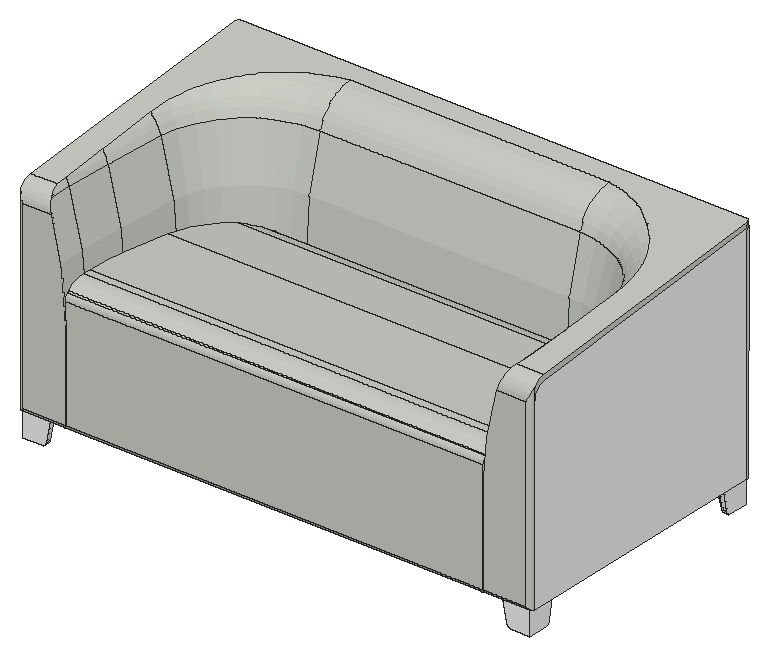
Revit family "Elan_Ellsworth_One_LoveSeat_WoodBack", category Furniture, Revit 2012
Parameters
  Width = 4' - 8"  # constant formula
  URL = "http://elanbydecca.com/"
  Upholstery [instance] = Furniture - DECCA (Elan) - Ellsworth - Upholstery
  Base [instance] = Furniture - DECCA (Elan) - Ellsworth - Base
  Product URL = "http://elanbydecca.com/PDFs/TearSheet/Ellsworth%20Tear%20Sheet.pdf"
  Model = "MK TL400V"
  Manufacturer = "Decca Elan"
  Height = 2' - 4"  # constant formula
  Description = "Ellsworth One Love Seat, Wood Back"
  Depth = 2' - 6"  # constant formula
  Assembly Description = "Furniture & Accessories"
  Assembly Code = "E2020200"
  Back [instance] = Furniture - DECCA (Elan) - Ellsworth - Base
Reference planes (in)
  plane 1 "Center Front/Back": y = -0.7523997
  plane 2: z = 0
  plane 3 "Center Left/Right": x = 0
  plane 4 "L": x = -16.5
  plane 5 "R": x = 16.5
  plane 6 "F": y = -15.7523997
  plane 7: y = 14.2476003
  plane 8: through (-6.2533827, 2.3323677, 23.3895262) normal (0.4297, -0.4297, 0.7941)
  plane 9 "ST": z = 28
  plane 10 "BB": z = 2.875
  plane 11: z = 0.1875
  plane 12: x = -16.1875
  plane 13: x = -13.1875
  plane 14: x = 16.1875
  plane 15: x = 13.1875
  plane 16: y = -12.7523997
  plane 17: y = 11.2476003
  plane 18: z = 17
  plane 19: y = 6.2163396
  plane 20: x = -28
  plane 21: x = 28
Forms (in)
  Sweep 1, solid, material "Furniture - DECCA (Elan) - Ellsworth - Upholstery" <- "Upholstery"
    path origin (0, 0, 2.875) x (-1, 0, 0) y (0, -1, 0)
      loop
        line (-22.8074654, 15.7523997) -> (-22.8074654, 12.8786985)
        arc (-22.8074654, 12.8786985) -> (-22.763605, 10.3659347) -> (-22.632077, 7.8562324) r 72
        line (-22.632077, 7.8562324) -> (-22.1684186, 1.2256086)
        arc (-22.1684186, 1.2256086) -> (-19.6438931, -4.0671692) -> (-14.1879062, -6.2163396) r 8
        line (-14.1879062, -6.2163396) -> (14.1879062, -6.2163396)
        arc (14.1879062, -6.2163396) -> (19.6438931, -4.0671692) -> (22.1684186, 1.2256086) r 8
        line (22.1684186, 1.2256086) -> (22.632077, 7.8562324)
        arc (22.632077, 7.8562324) -> (22.763605, 10.3659347) -> (22.8074654, 12.8786985) r 72
        line (22.8074654, 12.8786985) -> (22.8074654, 15.7523997)
    profile origin (0, 6.2163396, 2.875) x (0, -1, 0) y (0, 0, 1)
      loop
        line (0, 0) -> (0, 10.0216963)
        arc (0, 10.0216963) -> (-0.4940232, 15.9652318) -> (-1.9625341, 21.7456425) r 36
        arc (-1.9625341, 21.7456425) -> (-3.510919, 23.9274319) -> (-5.992833, 24.9263332) r 4.75
        line (-5.992833, 24.9263332) -> (-15.5, 25.8529092) -> (-15.5, 0) -> (0, 0)
  Extrusion 2, void
    sketch origin (0, 0, 0) x (0, 1, 0) y (0, 0, 1)
      loop
        line (22.7476003, 28.8284167) -> (22.7476003, 31.5) -> (-19.7523997, 31.5) -> (-19.7523997, 0) -> (-15.2523997, 0) -> (-15.2523997, 2.875) -> (-15.4398997, 2.875)
        arc (-15.4398997, 2.875) -> (-15.6608706, 2.9665291) -> (-15.7523997, 3.1875) r 0.3125
        line (-15.7523997, 3.1875) -> (-15.7523997, 23.2616219)
        arc (-15.7523997, 23.2616219) -> (-15.2336163, 24.605496) -> (-13.9464021, 25.2521905) r 2
        line (-13.9464021, 25.2521905) -> (22.7476003, 28.8284167)
    from -30.3988017 to 30.0717785
  Extrusion 3, void
    sketch origin (0, 0, 2.875) x (-1, 0, 0) y (0, -1, 0)
      loop
        line (28, -13.7476003) -> (28, 15.2523997)
        arc (28, 15.2523997) -> (27.8535534, 15.6059531) -> (27.5, 15.7523997) r 0.5
        line (27.5, 15.7523997) -> (-27.5, 15.7523997)
        arc (-27.5, 15.7523997) -> (-27.8535534, 15.6059531) -> (-28, 15.2523997) r 0.5
        line (-28, 15.2523997) -> (-28, -13.7476003)
        arc (-28, -13.7476003) -> (-27.8535534, -14.1011536) -> (-27.5, -14.2476003) r 0.5
        line (-27.5, -14.2476003) -> (27.5, -14.2476003)
        arc (27.5, -14.2476003) -> (27.8535534, -14.1011536) -> (28, -13.7476003) r 0.5
      loop
        arc (27.5, -26.2476003) -> (36.3388348, -22.586435) -> (40, -13.7476003) r 12.5
        line (40, -13.7476003) -> (40, 15.2523997)
        arc (40, 15.2523997) -> (36.3388348, 24.0912345) -> (27.5, 27.7523997) r 12.5
        line (27.5, 27.7523997) -> (-27.5, 27.7523997)
        arc (-27.5, 27.7523997) -> (-36.3388348, 24.0912345) -> (-40, 15.2523997) r 12.5
        line (-40, 15.2523997) -> (-40, -13.7476003)
        arc (-40, -13.7476003) -> (-36.3388348, -22.586435) -> (-27.5, -26.2476003) r 12.5
        line (-27.5, -26.2476003) -> (27.5, -26.2476003)
    from -2.875 to 28.625
  Extrusion 4, solid, material "Furniture - DECCA (Elan) - Ellsworth - Upholstery" <- "Upholstery"
    sketch origin (0, 0, 0) x (0, 1, 0) y (0, 0, 1)
      loop
        line (6.2163396, 2.875) -> (6.2163396, 13.8704933)
        arc (6.2163396, 13.8704933) -> (6.0951567, 14.347652) -> (5.7609786, 14.7091639) r 1
        line (5.7609786, 14.7091639) -> (5.5897111, 14.8203862)
        arc (5.5897111, 14.8203862) -> (4.8088435, 15.2135656) -> (3.9612061, 15.4277039) r 4
        line (3.9612061, 15.4277039) -> (-2.4371565, 16.3159994)
        arc (-2.4371565, 16.3159994) -> (-7.3758173, 16.8287963) -> (-12.338077, 17) r 72
        line (-12.338077, 17) -> (-13.278241, 17)
        arc (-13.278241, 17) -> (-14.3533448, 16.8007413) -> (-15.2856328, 16.2294345) r 3
        line (-15.2856328, 16.2294345) -> (-15.4215303, 16.1070718)
        arc (-15.4215303, 16.1070718) -> (-15.6659452, 15.7706636) -> (-15.7523997, 15.3639269) r 1
        line (-15.7523997, 15.3639269) -> (-15.7523997, 3.1875)
        arc (-15.7523997, 3.1875) -> (-15.6608706, 2.9665291) -> (-15.4398997, 2.875) r 0.3125
        line (-15.4398997, 2.875) -> (6.2163396, 2.875)
    from -24.707453 to 24.736139
  Extrusion 5, void
    sketch origin (0, 0, 2.875) x (-1, 0, 0) y (0, -1, 0)
      loop
        arc (-14.1879062, -6.2163396) -> (-19.6438931, -4.0671692) -> (-22.1684186, 1.2256086) r 8
        line (-22.1684186, 1.2256086) -> (-22.632077, 7.8562324)
        arc (-22.632077, 7.8562324) -> (-22.763605, 10.3659347) -> (-22.8074654, 12.8786985) r 72
        line (-22.8074654, 12.8786985) -> (-22.8074654, 15.7523997) -> (-26.1925346, 15.7523997) -> (-26.1925346, -11.2476003) -> (26.3074654, -11.2476003) -> (26.3074654, 15.7523997) -> (22.8074654, 15.7523997) -> (22.8074654, 12.8786985)
        arc (22.8074654, 12.8786985) -> (22.763605, 10.3659347) -> (22.632077, 7.8562324) r 72
        line (22.632077, 7.8562324) -> (22.1684186, 1.2256086)
        arc (22.1684186, 1.2256086) -> (19.6438931, -4.0671692) -> (14.1879062, -6.2163396) r 8
        line (14.1879062, -6.2163396) -> (-14.1879062, -6.2163396)
    from 0 to 15.8970439
  Extrusion 6, void
    sketch origin (0, 0, 0) x (0, 1, 0) y (0, 0, 1)
      loop
        line (15.2476003, 27.5950917) -> (13.7476003, 27.4489006) -> (13.7476003, 2.875) -> (15.2476003, 2.875) -> (15.2476003, 27.5950917)
    from -28 to 28
  Extrusion 7, void
    sketch origin (-11.5, 0, 0) x (0, 1, 0) y (0, 0, 1)
      loop
        arc (-13.8979015, 24.7545483) -> (-14.8633121, 24.2695275) -> (-15.2523997, 23.2616219) r 1.5
        line (-15.2523997, 23.2616219) -> (-15.2523997, 2) -> (15.2476003, 2) -> (15.2476003, 27.5950917) -> (-13.8979015, 24.7545483)
    from -16.5 to -16
  Extrusion 8, void
    sketch origin (11.5, 0, 0) x (0, 1, 0) y (0, 0, -1)
      loop
        line (-13.8979015, -24.7545483) -> (15.2476003, -27.5950917) -> (15.2476003, -2) -> (-15.2523997, -2) -> (-15.2523997, -23.2616219)
        arc (-15.2523997, -23.2616219) -> (-14.8633121, -24.2695275) -> (-13.8979015, -24.7545483) r 1.5
    from -16.5 to -16
Cuts and joins
  Extrusion 2, Extrusion 3, Extrusion 6, Extrusion 7, Extrusion 8 cuts Sweep 1
  Extrusion 5, Extrusion 7, Extrusion 8 cuts Extrusion 4
Lines and regions (in)
  model lines
    curve 1: arc (0, 6.2163396, 13.8704933) -> (0, 6.0951567, 14.347652) -> (0, 5.7609786, 14.7091639) r 1
    curve 2: line (0, 5.7609786, 14.7091639) -> (0, 5.5897111, 14.8203862)
    curve 3: arc (0, 5.5897111, 14.8203862) -> (0, 4.8088435, 15.2135656) -> (0, 3.9612061, 15.4277039) r 4
    curve 4: line (0, 3.9612061, 15.4277039) -> (0, -2.4371565, 16.3159994)
    curve 5: arc (0, -2.4371565, 16.3159994) -> (0, -7.3758173, 16.8287963) -> (0, -12.338077, 17) r 72
    curve 6: line (0, -12.338077, 17) -> (0, -13.278241, 17)
    curve 7: arc (0, -13.278241, 17) -> (0, -14.3533448, 16.8007413) -> (0, -15.2856328, 16.2294345) r 3
    curve 8: line (0, -15.2856328, 16.2294345) -> (0, -15.4215303, 16.1070718)
    curve 9: arc (0, -15.4215303, 16.1070718) -> (0, -15.6659452, 15.7706636) -> (0, -15.7523997, 15.3639269) r 1
    curve 10: line (0, -15.7523997, 15.3639269) -> (0, -15.7523997, 3.1875)
    curve 11: arc (0, -15.4398997, 2.875) -> (0, -15.6608706, 2.9665291) -> (0, -15.7523997, 3.1875) r 0.3125
Dimensions and locks (in)
  equal spacing: plane 7, plane 1 "Center Front/Back", plane 6 "F"
  "Depth": plane 7 to plane 6 "F"
  "Height": plane 9 "ST" to level
  locked: plane 12 to plane 4 "L" at 0.3125
  locked: plane 13 to plane 12 at 3
  locked: plane 15 to plane 14 at 3
  locked: plane 14 to plane 5 "R" at 0.3125
  locked: plane 16 to plane 6 "F" at 3
  locked: plane 7 to plane 17 at 3
  plane 18 to level = 1' - 5"
Automatic sketch dimensions
  Sweep 1 sketch curve to plane 6 "F" = 0' - 0"  (x2)
  plane 19 to Sweep 1 sketch curve = 0' - 0"
  plane 16 to Sweep 1 sketch curve = 0' - 0.1263"  (x2)
  Sweep 1 sketch curve to plane 21 = 1' - 9.19253"
  plane 21 to Sweep 1 sketch curve = 0' - 5.19253"
  Sweep 1 sketch curve to plane 16 = 0' - 4.89617"
  Sweep 1 sketch curve to Sweep 1 sketch curve = 0' - 0.17539"  (x2)
  plane 1 "Center Front/Back" to Sweep 1 sketch curve = 0' - 0.47321"  (x2)
  Sweep 1 sketch curve to plane 5 "R" = 0' - 5.66842"
  Sweep 1 sketch curve to plane 15 = 0' - 1.00041"
  Sweep 1 sketch curve to plane 13 = 0' - 1.00041"
  Sweep 1 sketch curve to plane 4 "L" = 0' - 5.66842"
  plane 20 to Sweep 1 sketch curve = 0' - 5.36792"
  Sweep 1 sketch curve to plane 10 "BB" = 0' - 0"
  Sweep 1 sketch curve to profile plane = 0' - 0"
  profile plane to Sweep 1 sketch curve = 0' - 1.96253"
  Sweep 1 sketch curve to Sweep 1 sketch curve = 0' - 0"
  Sweep 1 sketch curve to Sweep 1 sketch curve = 0' - 4.0303"
  Sweep 1 sketch curve to Sweep 1 sketch curve = 0' - 0.46076"
  Sweep 1 sketch curve to Sweep 1 sketch curve = 1' - 3 1/2"
  plane 10 "BB" to Sweep 1 sketch curve = 0' - 10.0217"
  Sweep 1 sketch curve to Sweep 1 sketch curve = 1' - 8 1/2"
  Sweep 1 sketch curve to Sweep 1 sketch curve = 0' - 0.92658"
  Extrusion 2 sketch curve to level = 0' - 0"
  Extrusion 2 sketch curve to plane 6 "F" = 0' - 0"
  Extrusion 2 sketch curve to plane 10 "BB" = 0' - 0"
  Extrusion 2 sketch curve to plane 6 "F" = 0' - 4"
  plane 6 "F" to Extrusion 2 sketch curve = 0' - 0 5/16"
  Extrusion 2 sketch curve to Extrusion 2 sketch curve = 0' - 0 3/16"
  plane 16 to Extrusion 2 sketch curve = 0' - 1.194"
  plane 16 to Extrusion 2 sketch curve = 0' - 1"
  plane 9 "ST" to Extrusion 2 sketch curve = 0' - 3 1/2"
  plane 7 to Extrusion 2 sketch curve = 0' - 8 1/2"
  Extrusion 2 sketch curve to plane 9 "ST" = 0' - 4.73838"
  plane 9 "ST" to Extrusion 2 sketch curve = 0' - 0.82842"
  Extrusion 3 sketch curve to Extrusion 3 sketch curve = 0' - 0"  (x8)
  Extrusion 3 sketch curve to plane 21 = 0' - 0"
  Extrusion 3 sketch curve to plane 7 = 0' - 0"
  Extrusion 3 sketch curve to plane 6 "F" = 0' - 0"
  Extrusion 3 sketch curve to plane 20 = 0' - 0"
  Extrusion 3 sketch curve to plane 7 = 0' - 0 1/2"
  Extrusion 3 sketch curve to plane 21 = 1' - 0"
  plane 6 "F" to Extrusion 3 sketch curve = 0' - 0 1/2"
  plane 20 to Extrusion 3 sketch curve = 0' - 0 1/2"  (x2)
  Extrusion 4 sketch curve to plane 6 "F" = 0' - 0"
  Extrusion 4 sketch curve to plane 10 "BB" = 0' - 0"
  plane 18 to Extrusion 4 sketch curve = 0' - 0"
  Extrusion 4 sketch curve to plane 19 = 0' - 0"
  Extrusion 4 sketch curve to Extrusion 4 sketch curve = 0' - 0 5/16"
  plane 6 "F" to Extrusion 4 sketch curve = 0' - 0.33087"
  Extrusion 4 sketch curve to Extrusion 4 sketch curve = 0' - 0.1359"
  Extrusion 4 sketch curve to Extrusion 4 sketch curve = 0' - 1"  (x2)
  plane 16 to Extrusion 4 sketch curve = 0' - 0.52584"
  Extrusion 4 sketch curve to plane 16 = 0' - 0.41432"
  plane 18 to Extrusion 4 sketch curve = 0' - 0.684"
  plane 1 "Center Front/Back" to Extrusion 4 sketch curve = 0' - 1.68476"
  plane 19 to Extrusion 4 sketch curve = 0' - 2.80518"
  plane 19 to Extrusion 4 sketch curve = 0' - 2.25513"
  plane 19 to Extrusion 4 sketch curve = 0' - 0.62663"
  Extrusion 4 sketch curve to Extrusion 4 sketch curve = 0' - 0.17127"
  plane 18 to Extrusion 4 sketch curve = 0' - 5.5343"
  Extrusion 4 sketch curve to Extrusion 4 sketch curve = 0' - 2.40479"
  Extrusion 4 sketch curve to Extrusion 4 sketch curve = 0' - 3"
  Extrusion 4 sketch curve to Extrusion 4 sketch curve = 0' - 0.11122"
  Extrusion 4 sketch curve to Extrusion 4 sketch curve = 0' - 0.86551"
  Extrusion 5 sketch curve to plane 6 "F" = 0' - 0"  (x2)
  Extrusion 5 sketch curve to plane 17 = 0' - 0"
  plane 19 to Extrusion 5 sketch curve = 0' - 0"
  plane 16 to Extrusion 5 sketch curve = 0' - 0.1263"  (x2)
  Extrusion 5 sketch curve to plane 21 = 1' - 9.19253"
  plane 21 to Extrusion 5 sketch curve = 0' - 1.80747"
  Extrusion 5 sketch curve to Extrusion 5 sketch curve = 0' - 3.38507"
  Extrusion 5 sketch curve to plane 16 = 0' - 4.89617"
  Extrusion 5 sketch curve to Extrusion 5 sketch curve = 0' - 0.17539"  (x2)
  plane 1 "Center Front/Back" to Extrusion 5 sketch curve = 0' - 0.47321"  (x2)
  Extrusion 5 sketch curve to plane 5 "R" = 0' - 5.66842"
  Extrusion 5 sketch curve to plane 15 = 0' - 1.00041"
  Extrusion 5 sketch curve to plane 13 = 0' - 1.00041"
  Extrusion 5 sketch curve to plane 4 "L" = 0' - 5.66842"
  plane 20 to Extrusion 5 sketch curve = 0' - 5.36792"
  plane 20 to Extrusion 5 sketch curve = 0' - 1.69253"
  Extrusion 6 sketch curve to plane 10 "BB" = 0' - 0"
  Extrusion 6 sketch curve to plane 7 = 0' - 0 1/2"
  Extrusion 6 sketch curve to plane 9 "ST" = 0' - 0.40491"
  plane 7 to Extrusion 6 sketch curve = 0' - 1"
  Extrusion 6 sketch curve to plane 9 "ST" = 0' - 0.5511"
  plane 6 "F" to Extrusion 7 sketch curve = 0' - 0 1/2"
  plane 16 to Extrusion 7 sketch curve = 0' - 1.1455"
  plane 16 to Extrusion 7 sketch curve = 0' - 1"
  Extrusion 7 sketch curve to plane 9 "ST" = 0' - 0.40491"
  plane 7 to Extrusion 7 sketch curve = 0' - 1"
  Extrusion 7 sketch curve to plane 9 "ST" = 0' - 3.24545"
  Extrusion 7 sketch curve to plane 10 "BB" = 0' - 0 7/8"
  plane 6 "F" to Extrusion 8 sketch curve = 0' - 0 1/2"
  plane 16 to Extrusion 8 sketch curve = 0' - 1.1455"
  plane 16 to Extrusion 8 sketch curve = 0' - 1"
  Extrusion 8 sketch curve to plane 9 "ST" = 0' - 0.40491"
  plane 7 to Extrusion 8 sketch curve = 0' - 1"
  Extrusion 8 sketch curve to plane 9 "ST" = 0' - 3.24545"
  Extrusion 8 sketch curve to plane 10 "BB" = 0' - 0 7/8"
  curve 1 to plane 19 = 0' - 0"
  plane 19 to curve 1 = 0' - 0.45536"
  curve 2 to curve 2 = 0' - 0.17127"
  curve 1 to curve 2 = 0' - 0.54464"
  plane 18 to curve 1 = 0' - 3.12951"
  curve 2 to curve 2 = 0' - 0.11122"
  curve 3 to curve 2 = 0' - 1.62851"
  plane 19 to curve 3 = 0' - 2.80518"
  curve 3 to curve 1 = 0' - 2.40479"
  plane 18 to curve 4 = 0' - 0.684"
  plane 1 "Center Front/Back" to curve 4 = 0' - 1.68476"
  plane 18 to curve 5 = 0' - 0"
  curve 5 to curve 4 = 0' - 9.90092"
  plane 16 to curve 6 = 0' - 0.52584"
  plane 6 "F" to curve 7 = 0' - 0.46677"
  plane 18 to curve 7 = 0' - 3"
  curve 8 to curve 8 = 0' - 0.1359"
  curve 8 to curve 8 = 0' - 0.12236"
  curve 9 to plane 6 "F" = 0' - 0"
  plane 6 "F" to curve 9 = 0' - 1"
  plane 10 "BB" to curve 10 = 0' - 0 5/16"
  curve 11 to plane 10 "BB" = 0' - 0"
Nested families (in)
  nested 1: "Elan_Ellsworth_One_LoveSeatBACK" at (0, 0, 0), Base <- "Back", type "Upholstered Back"
  nested 2: "Elan_Ellsworth_One_LoungeLEG" at (-27.6875, -14.6875, 0), Base <- "Base", type "Elan_Ellsworth_One_LoungeLEG"
    with Upholstery Furniture - DECCA (Elan) - Ellsworth - Upholstery, Base Furniture - DECCA (Elan) - Ellsworth - Base
  nested 3: "Elan_Ellsworth_One_LoungeLEG" at (-27.6875, 13.1827005, 0), Base <- "Base", type "Elan_Ellsworth_One_LoungeLEG"
    with Upholstery Furniture - DECCA (Elan) - Ellsworth - Upholstery, Base Furniture - DECCA (Elan) - Ellsworth - Base
  nested 4: "Elan_Ellsworth_One_LoungeLEG" at (27.6875, -14.6875, 0) x (-1, 0, 0) z (0, 0, 1), Base <- "Base", type "Elan_Ellsworth_One_LoungeLEG"
    with Upholstery Furniture - DECCA (Elan) - Ellsworth - Upholstery, Base Furniture - DECCA (Elan) - Ellsworth - Base
  nested 5: "Elan_Ellsworth_One_LoungeLEG" at (27.6875, 13.1827005, 0) x (-1, 0, 0) z (0, 0, 1), Base <- "Base", type "Elan_Ellsworth_One_LoungeLEG"
    with Upholstery Furniture - DECCA (Elan) - Ellsworth - Upholstery, Base Furniture - DECCA (Elan) - Ellsworth - Base
Definition of nested family "Elan_Ellsworth_One_LoveSeatBACK"
  Parameters (values of type "Upholstered Back")
    WoodBack = no
    Width = 2' - 9"  # constant formula
    URL = "http://elanbydecca.com/"
    Upholstery [instance] = Furniture - DECCA (Elan) - Ellsworth - Upholstery
    Base [instance] = Furniture - DECCA (Elan) - Ellsworth - Base
    Product URL = "http://elanbydecca.com/PDFs/elan_tearsheet-ava.pdf"
    Model = "MK TC300U"
    Manufacturer = "Decca Elan"
    Height = 2' - 4"  # constant formula
    Description = "Ellsworth One Lounge Chair"
    Depth = 2' - 6"  # constant formula
    Assembly Description = "Furniture & Accessories"
    Assembly Code = "E2020200"
    Back = Furniture - DECCA (Elan) - Ellsworth - Base
  Reference planes (in)
    plane 1 "Center Front/Back": y = -0.7523997
    plane 2: z = 0
    plane 3 "Center Left/Right": x = 0
    plane 4 "L": x = -16.5
    plane 5 "R": x = 16.5
    plane 6 "F": y = -15.7523997
    plane 7: y = 14.2476003
    plane 8: through (-6.2533827, 2.3323677, 23.3895262) normal (0.4297, -0.4297, 0.7941)
    plane 9 "ST": z = 28
    plane 10 "BB": z = 2.875
    plane 11: z = 0.1875
    plane 12: x = -16.1875
    plane 13: x = -13.1875
    plane 14: x = 16.1875
    plane 15: x = 13.1875
    plane 16: y = -12.7523997
    plane 17: y = 11.2476003
    plane 18: z = 17
    plane 19: y = 6.2163396
    plane 20: x = -28
    plane 21: x = 28
  Forms (in)
    Sweep 1, solid, material "Furniture - DECCA (Elan) - Ellsworth - Base" <- "Back"
      path origin (0, 0, 2.875) x (-1, 0, 0) y (0, -1, 0)
        loop
          line (-22.8074654, 15.7523997) -> (-22.8074654, 12.8786985)
          arc (-22.8074654, 12.8786985) -> (-22.763605, 10.3659347) -> (-22.632077, 7.8562324) r 72
          line (-22.632077, 7.8562324) -> (-22.1684186, 1.2256086)
          arc (-22.1684186, 1.2256086) -> (-19.6438931, -4.0671692) -> (-14.1879062, -6.2163396) r 8
          line (-14.1879062, -6.2163396) -> (14.1879062, -6.2163396)
          arc (14.1879062, -6.2163396) -> (19.6438931, -4.0671692) -> (22.1684186, 1.2256086) r 8
          line (22.1684186, 1.2256086) -> (22.632077, 7.8562324)
          arc (22.632077, 7.8562324) -> (22.763605, 10.3659347) -> (22.8074654, 12.8786985) r 72
          line (22.8074654, 12.8786985) -> (22.8074654, 15.7523997)
      profile origin (0, 6.2163396, 2.875) x (0, -1, 0) y (0, 0, 1)
        loop
          line (0, 0) -> (0, 10.0216963)
          arc (0, 10.0216963) -> (-0.4940232, 15.9652318) -> (-1.9625341, 21.7456425) r 36
          arc (-1.9625341, 21.7456425) -> (-3.510919, 23.9274319) -> (-5.992833, 24.9263332) r 4.75
          line (-5.992833, 24.9263332) -> (-15.5, 25.8529092) -> (-15.5, 0) -> (0, 0)
    Extrusion 2, void
      sketch origin (0, 0, 0) x (0, 1, 0) y (0, 0, 1)
        loop
          line (22.7476003, 28.8284167) -> (22.7476003, 31.5) -> (-19.7523997, 31.5) -> (-19.7523997, 0) -> (-15.2523997, 0) -> (-15.2523997, 2.875)
          arc (-15.2523997, 2.875) -> (-15.6059531, 3.0214466) -> (-15.7523997, 3.375) r 0.5
          line (-15.7523997, 3.375) -> (-15.7523997, 23.2616219)
          arc (-15.7523997, 23.2616219) -> (-15.2336163, 24.605496) -> (-13.9464021, 25.2521905) r 2
          line (-13.9464021, 25.2521905) -> (22.7476003, 28.8284167)
      from -30.3262434 to 29.3487324
    Extrusion 3, void
      sketch origin (0, 0, 2.875) x (-1, 0, 0) y (0, -1, 0)
        loop
          line (28, -13.7476003) -> (28, 15.2523997)
          arc (28, 15.2523997) -> (27.8535534, 15.6059531) -> (27.5, 15.7523997) r 0.5
          line (27.5, 15.7523997) -> (-27.5, 15.7523997)
          arc (-27.5, 15.7523997) -> (-27.8535534, 15.6059531) -> (-28, 15.2523997) r 0.5
          line (-28, 15.2523997) -> (-28, -13.7476003)
          arc (-28, -13.7476003) -> (-27.8535534, -14.1011536) -> (-27.5, -14.2476003) r 0.5
          line (-27.5, -14.2476003) -> (27.5, -14.2476003)
          arc (27.5, -14.2476003) -> (27.8535534, -14.1011536) -> (28, -13.7476003) r 0.5
        loop
          arc (27.5, -26.2476003) -> (36.3388348, -22.586435) -> (40, -13.7476003) r 12.5
          line (40, -13.7476003) -> (40, 15.2523997)
          arc (40, 15.2523997) -> (36.3388348, 24.0912345) -> (27.5, 27.7523997) r 12.5
          line (27.5, 27.7523997) -> (-27.5, 27.7523997)
          arc (-27.5, 27.7523997) -> (-36.3388348, 24.0912345) -> (-40, 15.2523997) r 12.5
          line (-40, 15.2523997) -> (-40, -13.7476003)
          arc (-40, -13.7476003) -> (-36.3388348, -22.586435) -> (-27.5, -26.2476003) r 12.5
          line (-27.5, -26.2476003) -> (27.5, -26.2476003)
      from -2.875 to 28.625
    Extrusion 4, void
      sketch origin (0, 0, 2.875) x (-1, 0, 0) y (0, -1, 0)
        loop
          line (27.5, -13.7476003) -> (27.5, 15.2523997) -> (-27.5, 15.2523997) -> (-27.5, -13.7476003) -> (27.5, -13.7476003)
      from -1.8606413 to 27.6641847
    Extrusion 5, void
      sketch origin (0, 0, 0) x (0, 1, 0) y (0, 0, 1)
        loop
          line (-15.2523997, -1.25) -> (-15.2523997, 23.2616219)
          arc (-15.2523997, 23.2616219) -> (-14.8633121, 24.2695275) -> (-13.8979015, 24.7545483) r 1.5
          line (-13.8979015, 24.7545483) -> (17.5307747, 27.8176117) -> (17.5307747, 28.8223498) -> (-13.9949027, 25.7498326)
          arc (-13.9949027, 25.7498326) -> (-15.6039204, 24.9414646) -> (-16.2523997, 23.2616219) r 2.5
          line (-16.2523997, 23.2616219) -> (-16.2523997, -1.25) -> (-15.2523997, -1.25)
      from -31.0752261 to 28.5
  Cuts and joins
    Extrusion 2, Extrusion 3, Extrusion 4, Extrusion 5 cuts Sweep 1
  Dimensions and locks (in)
    equal spacing: plane 7, plane 1 "Center Front/Back", plane 6 "F"
    "Depth": plane 7 to plane 6 "F"
    "Height": plane 9 "ST" to level
    equal spacing: plane 4 "L", plane 3 "Center Left/Right", plane 5 "R"
    "Width": plane 4 "L" to plane 5 "R"
    locked: plane 12 to plane 4 "L" at 0.3125
    locked: plane 13 to plane 12 at 3
    locked: plane 15 to plane 14 at 3
    locked: plane 14 to plane 5 "R" at 0.3125
    locked: plane 16 to plane 6 "F" at 3
    locked: plane 7 to plane 17 at 3
    plane 18 to level = 1' - 5"
  Automatic sketch dimensions
    Sweep 1 sketch curve to plane 6 "F" = 0' - 0"  (x2)
    plane 19 to Sweep 1 sketch curve = 0' - 0"
    plane 16 to Sweep 1 sketch curve = 0' - 0.1263"  (x2)
    Sweep 1 sketch curve to plane 5 "R" = 2' - 8.69253"
    Sweep 1 sketch curve to plane 15 = 0' - 9.61997"
    Sweep 1 sketch curve to plane 15 = 0' - 9.44458"
    plane 1 "Center Front/Back" to Sweep 1 sketch curve = 0' - 0.47321"  (x2)
    Sweep 1 sketch curve to plane 15 = 0' - 8.98092"
    plane 3 "Center Left/Right" to Sweep 1 sketch curve = 1' - 2.18791"
    plane 1 "Center Front/Back" to Sweep 1 sketch curve = 0' - 1 1/32"
    Sweep 1 sketch curve to plane 3 "Center Left/Right" = 1' - 2.18791"
    Sweep 1 sketch curve to plane 13 = 0' - 9.44458"
    Sweep 1 sketch curve to Sweep 1 sketch curve = 0' - 0.17539"
    Sweep 1 sketch curve to plane 4 "L" = 2' - 8.69253"
    Extrusion 3 sketch curve to plane 5 "R" = 0' - 11 1/2"
    Extrusion 3 sketch curve to plane 6 "F" = 0' - 0"
    Extrusion 3 sketch curve to plane 7 = 0' - 0"
    Extrusion 3 sketch curve to plane 4 "L" = 0' - 11 1/2"
    Extrusion 3 sketch curve to plane 14 = 0' - 11 5/16"  (x2)
    Extrusion 3 sketch curve to plane 12 = 0' - 11 5/16"  (x2)
    Extrusion 3 sketch curve to plane 5 "R" = 1' - 11 1/2"
    Extrusion 3 sketch curve to Extrusion 3 sketch curve = 0' - 0"  (x7)
    Sweep 1 sketch curve to plane 10 "BB" = 0' - 0"
    Sweep 1 sketch curve to profile plane = 0' - 0"
    profile plane to Sweep 1 sketch curve = 0' - 1.96253"
    Sweep 1 sketch curve to Sweep 1 sketch curve = 0' - 0"
    Sweep 1 sketch curve to Sweep 1 sketch curve = 0' - 4.0303"
    Sweep 1 sketch curve to Sweep 1 sketch curve = 0' - 0.46076"
    Sweep 1 sketch curve to Sweep 1 sketch curve = 1' - 3 1/2"
    plane 10 "BB" to Sweep 1 sketch curve = 0' - 10.0217"
    Sweep 1 sketch curve to Sweep 1 sketch curve = 1' - 8 1/2"
    Sweep 1 sketch curve to Sweep 1 sketch curve = 0' - 0.92658"
    Extrusion 2 sketch curve to plane 6 "F" = 0' - 0"
    plane 6 "F" to Extrusion 2 sketch curve = 0' - 0 1/2"
    Extrusion 2 sketch curve to plane 10 "BB" = 0' - 0"
    Extrusion 2 sketch curve to level = 0' - 0"
    Extrusion 2 sketch curve to Extrusion 2 sketch curve = 0' - 4 1/2"
    plane 16 to Extrusion 2 sketch curve = 0' - 1.194"
    plane 16 to Extrusion 2 sketch curve = 0' - 1"
    plane 9 "ST" to Extrusion 2 sketch curve = 0' - 0.82842"
    plane 7 to Extrusion 2 sketch curve = 0' - 8 1/2"
    Extrusion 2 sketch curve to plane 9 "ST" = 0' - 4.73838"
    Extrusion 2 sketch curve to Extrusion 2 sketch curve = 0' - 2.67158"
    Extrusion 5 sketch curve to Extrusion 5 sketch curve = 0' - 0"  (x2)
    Extrusion 5 sketch curve to level = 0' - 1 1/4"
    Extrusion 5 sketch curve to plane 6 "F" = 0' - 0 1/2"
    plane 6 "F" to Extrusion 5 sketch curve = 0' - 0 1/2"
    plane 16 to Extrusion 5 sketch curve = 0' - 1.2425"
    Extrusion 5 sketch curve to Extrusion 5 sketch curve = 0' - 0.097"
    plane 16 to Extrusion 5 sketch curve = 0' - 1"
    plane 7 to Extrusion 5 sketch curve = 0' - 3.28317"
    plane 9 "ST" to Extrusion 5 sketch curve = 0' - 0.82235"
    Extrusion 5 sketch curve to plane 9 "ST" = 0' - 4.73838"
    Extrusion 5 sketch curve to plane 9 "ST" = 0' - 0.18239"
    Extrusion 4 sketch curve to plane 7 = 0' - 0 1/2"
    Extrusion 4 sketch curve to plane 5 "R" = 0' - 11"
    plane 6 "F" to Extrusion 4 sketch curve = 0' - 0 1/2"
    Extrusion 4 sketch curve to plane 4 "L" = 0' - 11"
Definition of nested family "Elan_Ellsworth_One_LoungeLEG"
  Parameters (values of type "Elan_Ellsworth_One_LoungeLEG")
    WoodBack = no
    Width = 2' - 9"  # constant formula
    URL = "http://elanbydecca.com/"
    Upholstery [instance] = Furniture - DECCA (Elan) - Ellsworth - Upholstery
    Base [instance] = Furniture - DECCA (Elan) - Ellsworth - Base
    Product URL = "http://elanbydecca.com/PDFs/elan_tearsheet-ava.pdf"
    Model = "MK TC300V"
    Manufacturer = "Decca Elan"
    Height = 2' - 4"  # constant formula
    Description = "Ellsworth One Lounge Chair"
    Depth = 2' - 6"  # constant formula
    Assembly Description = "Furniture & Accessories"
    Assembly Code = "E2020200"
    Back = Furniture - DECCA (Elan) - Ellsworth - Base
  Reference planes (in)
    plane 1 "Center Front/Back": y = -0.7523997
    plane 2: z = 0
    plane 3 "Center Left/Right": x = 0
    plane 4 "L": x = -16.5
    plane 5 "R": x = 16.5
    plane 6 "F": y = -15.7523997
    plane 7: y = 14.2476003
    plane 8: through (-6.2533827, 2.3323677, 23.3895262) normal (0.4297, -0.4297, 0.7941)
    plane 9 "ST": z = 28
    plane 10 "BB": z = 2.875
    plane 11: z = 0.1875
    plane 12: x = -16.1875
    plane 13: x = -13.1875
    plane 14: x = 16.1875
    plane 15: x = 13.1875
    plane 16: y = -12.7523997
    plane 17: y = 11.2476003
    plane 18: z = 17
    plane 19: y = 6.2163396
    plane 20: z = 0.6593324
    plane 21: through (0, 2.2476017, 2.875) normal (0, -0.9824, 0.1869)
    plane 22: through (2.999999, -180, 2.875) normal (0.9828, 0, -0.1848)
    plane 23: x = 2.4946838
    plane 24: y = 1.7363503
  Forms (in)
    Blend 1, solid, material "Furniture - DECCA (Elan) - Ellsworth - Base" <- "Base"
      base sketch origin (0, 0, 2.875) x (-1, 0, 0) y (0, -1, 0)
        loop
          line (-0.5000042, -2.2476017) -> (0, -2.2476026) -> (0, 0.7523997) -> (-2.999999, 0.7523997) -> (-2.9999998, 0.262259) -> (-0.5000042, -2.2476017)
      top sketch origin (0, 0, 2.875) x (-1, 0, 0) y (0, -1, 0)
        loop
          line (-2.4946838, 0.7523997) -> (-2.4946838, 0.3004153) -> (-0.4624296, -1.7363503) -> (0, -1.7363503) -> (0, 0.7523997) -> (-2.4946838, 0.7523997)
      from 0 to -2.6875
    Extrusion 2, void
      sketch origin (0, -0.0063477, 0.0063477) x (0, 1, 0) y (0, 0, 1)
        loop
          line (1.3225002, 0.1875) -> (-0.9359935, 0.1875) -> (-0.9359935, 0.0976562) -> (1.810714, 0.0976562) -> (2.3814143, 3.0976562) -> (2.2899593, 3.0976562) -> (1.8136914, 0.594059)
          arc (1.8136914, 0.594059) -> (1.6413101, 0.3023244) -> (1.3225002, 0.1875) r 0.5
      from -0.4547494 to 3.2404058
    Revolve 3, solid, material "Furniture - DECCA (Elan) - Ellsworth - Base" <- "Base"
      sketch origin (0.8388278, 0, 0) x (0, 1, 0) y (0, 0, 1)
        loop
          line (0.6764794, 0.1934276) -> (0.3024636, 0.1934276) -> (0.3024636, 0) -> (0.6121304, 0)
          arc (0.6121304, 0) -> (0.657632, 0.0188474) -> (0.6764794, 0.064349) r 0.064349
          line (0.6764794, 0.064349) -> (0.6764794, 0.1934276)
        axis (0.3024636, 0) -> (0.3024636, 0.1934276)
      angle from 0 to 360
    Extrusion 4, void
      sketch origin (-0.0043945, -16.4217555, 0.0131836) x (1, 0, 0) y (0, 0, -1)
        loop
          line (-0.25, -0.1875) -> (2.0799345, -0.1875)
          arc (2.0799345, -0.1875) -> (2.3991549, -0.3026646) -> (2.5713238, -0.5951069) r 0.5
          line (2.5713238, -0.5951069) -> (3.064398, -3.2175039) -> (3.064398, 0.0625) -> (-0.25, 0.0625) -> (-0.25, -0.1875)
      from 15.0815486 to 18.9193558
  Cuts and joins
    Extrusion 2, Extrusion 4 cuts Blend 1
  Dimensions and locks (in)
    equal spacing: plane 7, plane 1 "Center Front/Back", plane 6 "F"
    "Depth": plane 7 to plane 6 "F"
    "Height": plane 9 "ST" to level
    equal spacing: plane 4 "L", plane 3 "Center Left/Right", plane 5 "R"
    "Width": plane 4 "L" to plane 5 "R"
    locked: plane 12 to plane 4 "L" at 0.3125
    locked: plane 13 to plane 12 at 3
    locked: plane 15 to plane 14 at 3
    locked: plane 14 to plane 5 "R" at 0.3125
    locked: plane 16 to plane 6 "F" at 3
    locked: plane 7 to plane 17 at 3
    plane 18 to level = 1' - 5"
  Automatic sketch dimensions
    plane 1 "Center Front/Back" to Blend 1 sketch curve = 0' - 0"  (x2)
    Blend 1 sketch curve to plane 3 "Center Left/Right" = 0' - 0"  (x2)
    plane 3 "Center Left/Right" to Blend 1 sketch curve = 0' - 0 1/2"
    Blend 1 sketch curve to plane 23 = 0' - 0.50532"
    Blend 1 sketch curve to Blend 1 sketch curve = 0' - 0"  (x2)
    Blend 1 sketch curve to plane 1 "Center Front/Back" = 0' - 0.49014"
    plane 24 to Blend 1 sketch curve = 0' - 0.51125"
    Blend 1 sketch curve to plane 23 = 0' - 0"
    Blend 1 sketch curve to plane 24 = 0' - 0"
    plane 3 "Center Left/Right" to Blend 1 sketch curve = 0' - 0.46243"
    Blend 1 sketch curve to Blend 1 sketch curve = 0' - 0.45198"
    plane 11 to Extrusion 2 sketch curve = 0' - 0.00635"
    plane 1 "Center Front/Back" to Extrusion 2 sketch curve = 0' - 0.18994"
    Extrusion 2 sketch curve to plane 24 = 0' - 0.4202"
    plane 24 to Extrusion 2 sketch curve = 0' - 0.06802"
    plane 20 to Extrusion 2 sketch curve = 0' - 0.05893"
    plane 24 to Extrusion 2 sketch curve = 0' - 0.07099"
    plane 10 "BB" to Extrusion 2 sketch curve = 0' - 0.229"
    plane 24 to Extrusion 2 sketch curve = 0' - 0.54726"
    Extrusion 2 sketch curve to Extrusion 2 sketch curve = 0' - 0.09145"
    Extrusion 2 sketch curve to plane 11 = 0' - 0.0835"
    Revolve 3 sketch curve to level = 0' - 0"
    plane 11 to Revolve 3 sketch curve = 0' - 0.00593"
    plane 11 to Revolve 3 sketch curve = 0' - 0.14484"
    Revolve 3 sketch curve to plane 1 "Center Front/Back" = 0' - 1.05486"
    Revolve 3 sketch curve to Revolve 3 sketch curve = 0' - 0"
    Revolve 3 sketch curve to Revolve 3 sketch curve = 0' - 0.30967"
    Revolve 3 sketch curve to Revolve 3 sketch curve = 0' - 0.06435"
    Revolve 3 sketch curve to Revolve 3 sketch curve = 0' - 0.0701"
    Extrusion 4 sketch curve to plane 11 = 0' - 0.01318"
    plane 22 to Extrusion 4 sketch curve = 0' - 0.00675"  (x2)
    plane 3 "Center Left/Right" to Extrusion 4 sketch curve = 0' - 0.25439"
    Extrusion 4 sketch curve to plane 23 = 0' - 0.41914"
    plane 23 to Extrusion 4 sketch curve = 0' - 0.07225"
    Extrusion 4 sketch curve to plane 10 "BB" = 0' - 0.35569"
    level to Extrusion 4 sketch curve = 0' - 0.04932"
